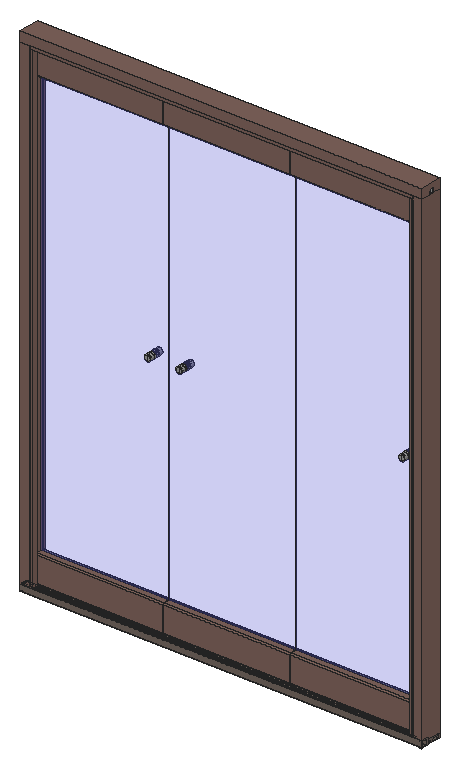
Revit family "FL3L 2385 LH", category Doors, host Wall, Revit 2015
Parameters (values of type "FL3L 2385 LH")
  Function = Interior
  Frame Projection Ext. = 25 mm
  Frame Projection Int. = 25 mm
  Frame Width = 75 mm
  Height = 2385 mm
  Wall Closure = By host
  Width = 1910 mm
Reference planes
  plane 1: y = 0
  plane 2 "Center (Left/Right)": x = 0
  plane 3 "Left": x = -955
  plane 4 "Right": x = 955
  plane 5: z = 2385
  plane 6 "Exterior": y = 75
  plane 7 "Interior": y = -75
Forms (mm)
  Extrusion 1, solid, material "Meranti (Frameless)"
    sketch origin (0, 0, 285) x (0, 1, 0) y (0, 0, 1)
      loop
        line (52.5, 2100) -> (-52.5, 2100) -> (-52.5, 2055) -> (-6.5, 2055) -> (-6.5, 2075) -> (15.5, 2075) -> (15.5, 2055) -> (52.5, 2055) -> (52.5, 2100)
    from -955 to 955
  Extrusion 2, solid, material "Steel, Chrome Plated"
    sketch origin (667.231, -1.5, 285) x (0, 1, 0) y (0, 0, 1)
      loop
        line (16.5, 2075) -> (-4.5, 2075) -> (-4.5, 2055) -> (-2.3, 2055) -> (-2.3, 2072.8) -> (14.3, 2072.8) -> (14.3, 2055) -> (16.5, 2055) -> (16.5, 2075)
    from -1622.231 to 287.769
  Extrusion 3, solid, material "Meranti (Frameless)"
    sketch origin (0, 0, 0) x (1, 0, 0) y (0, 1, 0)
      loop
        line (-955, 52.5) -> (-955, -52.5) -> (-910, -52.5) -> (-910, 24.5) -> (-922, 24.5) -> (-922, 52.5) -> (-955, 52.5)
      loop
        line (955, 52.5) -> (922, 52.5) -> (922, 24.5) -> (910, 24.5) -> (910, -52.5) -> (955, -52.5) -> (955, 52.5)
    from 32 to 2340
  Extrusion 4, solid, material "Aluminium Cill (Bronze)"
    sketch origin (0, 79.18, -119.746) x (0, 1, 0) y (0, 0, 1)
      loop
        line (-26.68, 120.746) -> (-26.68, 135.746)
        arc (-26.68, 135.746) -> (-27.558, 137.867) -> (-29.68, 138.746) r 3
        line (-29.68, 138.746) -> (-40.947, 138.746)
        arc (-40.947, 138.746) -> (-42.68, 137.746) -> (-44.412, 138.746) r 2
        line (-44.412, 138.746) -> (-48.947, 138.746)
        arc (-48.947, 138.746) -> (-50.68, 137.746) -> (-52.412, 138.746) r 2
        line (-52.412, 138.746) -> (-56.947, 138.746)
        arc (-56.947, 138.746) -> (-58.68, 137.746) -> (-60.412, 138.746) r 2
        line (-60.412, 138.746) -> (-67.18, 138.746) -> (-67.18, 135.246)
        arc (-67.18, 135.246) -> (-67.619, 134.185) -> (-68.68, 133.746) r 1.5
        line (-68.68, 133.746) -> (-73.43, 133.746) -> (-73.43, 135.746) -> (-71.996, 135.746)
        arc (-71.996, 135.746) -> (-74.68, 138.746) -> (-77.363, 135.746) r 2.7
        line (-77.363, 135.746) -> (-75.93, 135.746) -> (-75.93, 133.746) -> (-80.68, 133.746)
        arc (-80.68, 133.746) -> (-81.74, 134.185) -> (-82.18, 135.246) r 1.5
        line (-82.18, 135.246) -> (-82.18, 138.746) -> (-90.432, 138.746) -> (-98.68, 138.746) -> (-98.68, 143.746)
        arc (-98.68, 143.746) -> (-99.18, 144.246) -> (-99.68, 143.746) r 0.5
        line (-99.68, 143.746) -> (-99.68, 142.734) -> (-100.88, 142.734) -> (-100.88, 150.246) -> (-99.68, 150.246) -> (-99.68, 149.246)
        arc (-99.68, 149.246) -> (-99.18, 148.746) -> (-98.68, 149.246) r 0.5
        line (-98.68, 149.246) -> (-98.68, 150.746)
        arc (-98.68, 150.746) -> (-98.972, 151.453) -> (-99.68, 151.746) r 1
        line (-99.68, 151.746) -> (-109.447, 151.746)
        arc (-109.447, 151.746) -> (-111.18, 150.746) -> (-112.912, 151.746) r 2
        line (-112.912, 151.746) -> (-117.447, 151.746)
        arc (-117.447, 151.746) -> (-119.18, 150.746) -> (-120.912, 151.746) r 2
        line (-120.912, 151.746) -> (-130.68, 151.746)
        arc (-130.68, 151.746) -> (-131.387, 151.453) -> (-131.68, 150.746) r 1
        line (-131.68, 150.746) -> (-131.68, 120.746)
        arc (-131.68, 120.746) -> (-131.387, 120.039) -> (-130.68, 119.746) r 1
        line (-130.68, 119.746) -> (-27.68, 119.746)
        arc (-27.68, 119.746) -> (-26.972, 120.039) -> (-26.68, 120.746) r 1
      loop
        line (-29.68, 137.246) -> (-40.23, 137.246)
        arc (-40.23, 137.246) -> (-42.68, 136.246) -> (-45.129, 137.246) r 3.5
        line (-45.129, 137.246) -> (-48.23, 137.246)
        arc (-48.23, 137.246) -> (-50.68, 136.246) -> (-53.129, 137.246) r 3.5
        line (-53.129, 137.246) -> (-56.23, 137.246)
        arc (-56.23, 137.246) -> (-58.68, 136.246) -> (-61.129, 137.246) r 3.5
        line (-61.129, 137.246) -> (-65.68, 137.246) -> (-65.68, 135.246)
        arc (-65.68, 135.246) -> (-66.558, 133.125) -> (-68.68, 132.246) r 3
        line (-68.68, 132.246) -> (-73.93, 132.246) -> (-73.93, 121.246) -> (-28.18, 121.246) -> (-28.18, 135.746)
        arc (-28.18, 135.746) -> (-28.619, 136.807) -> (-29.68, 137.246) r 1.5
      loop
        line (-75.43, 132.246) -> (-80.68, 132.246)
        arc (-80.68, 132.246) -> (-82.801, 133.125) -> (-83.68, 135.246) r 3
        line (-83.68, 135.246) -> (-83.68, 137.246) -> (-98.68, 137.246) -> (-98.68, 121.246) -> (-75.43, 121.246) -> (-75.43, 132.246)
      loop
        line (-100.18, 121.246) -> (-100.18, 141.246) -> (-102.38, 141.246) -> (-102.38, 150.246) -> (-108.73, 150.246)
        arc (-108.73, 150.246) -> (-111.18, 149.246) -> (-113.629, 150.246) r 3.5
        line (-113.629, 150.246) -> (-116.73, 150.246)
        arc (-116.73, 150.246) -> (-119.18, 149.246) -> (-121.629, 150.246) r 3.5
        line (-121.629, 150.246) -> (-130.18, 150.246) -> (-130.18, 121.246) -> (-100.18, 121.246)
    from -955 to 955
  Extrusion 5, solid, material "Meranti (Frameless)"
    sketch origin (0, 0, 0) x (1, 0, 0) y (0, 1, 0)
      loop
        line (-955, 52.5) -> (-955, -19.5) -> (-910, -19.5) -> (-910, 24.5) -> (-922, 24.5) -> (-922, 52.5) -> (-955, 52.5)
      loop
        line (955, 52.5) -> (922, 52.5) -> (922, 24.5) -> (910, 24.5) -> (910, -19.5) -> (955, -19.5) -> (955, 52.5)
    from 19 to 32
  Extrusion 6, solid, material "Meranti (Frameless)"
    sketch origin (0, 0, 285) x (0, 1, 0) y (0, 0, 1)
      loop
        line (-52.5, 2052) -> (-52.5, 2042) -> (-26.5, 2042) -> (-26.5, 2045.5) -> (-33.5, 2045.5) -> (-33.5, 2048.5) -> (-26.5, 2048.5) -> (-26.5, 2055) -> (-49.5, 2055) -> (-49.5, 2052) -> (-52.5, 2052)
    from -910 to 910
  Extrusion 7, solid, material "Meranti (Frameless)"
    sketch origin (0, 0, 285) x (1, 0, 0) y (0, 1, 0)
      loop
        line (-907, -52.5) -> (-897, -52.5) -> (-897, -26.5) -> (-900.5, -26.5) -> (-900.5, -33.5) -> (-903.5, -33.5) -> (-903.5, -26.5) -> (-910, -26.5) -> (-910, -49.5) -> (-907, -49.5) -> (-907, -52.5)
      loop
        line (907, -52.5) -> (907, -49.5) -> (910, -49.5) -> (910, -26.5) -> (903.5, -26.5) -> (903.5, -33.5) -> (900.5, -33.5) -> (900.5, -26.5) -> (897, -26.5) -> (897, -52.5) -> (907, -52.5)
    from -253 to 2042
  Extrusion 8, solid, material "Meranti (Frameless)"
    sketch origin (-2.5, 0, 0) x (0, 1, 0) y (0, 0, 1)
      loop
        line (24.5, 24) -> (24.5, 112) -> (13, 112) -> (13, 162) -> (-15.5, 162) -> (-20.5, 157) -> (-20.5, 37) -> (-15.5, 37) -> (-15.5, 24) -> (24.5, 24)
      loop
        line (24.5, 2335) -> (-20.5, 2335) -> (-20.5, 2202) -> (-15.5, 2197) -> (13, 2197) -> (13, 2247) -> (24.5, 2247) -> (24.5, 2335)
    from 305 to 910
  Extrusion 9, solid, material "Glass"
    sketch origin (471.101, -93.1, -519.253) x (1, 0, 0) y (0, 0, 1)
      loop
        line (-168.601, 2766.253) -> (-168.601, 631.253) -> (436.399, 631.253) -> (436.399, 2766.253) -> (-168.601, 2766.253)
    from -116.1 to -106.1
  Extrusion 10, solid, material "Rubber, Black"
    sketch origin (0, 0, 285) x (0, 1, 0) y (0, 0, 1)
      loop
        line (24.5, 1912) -> (24.5, 1962) -> (23, 1962) -> (23, 1912) -> (24.5, 1912)
      loop
        line (24.5, -173) -> (24.5, -123) -> (23, -123) -> (23, -173) -> (24.5, -173)
    from 302.5 to 907.5
  Revolve 11, solid, material "Steel, S 460"
    sketch origin (452.5, 0, -1800) x (0, 1, 0) y (0, 0, 1)
      loop
        line (24.5, 1941.5) -> (31.5, 1941.5) -> (31.5, 1950) -> (29.5, 1952) -> (24.5, 1952) -> (24.5, 1941.5)
      axis (31.5, 1937) -> (24.5, 1937)
    angle from 0 to 360
  Revolve 12, solid, material "Steel, S 460"
    sketch origin (757.5, 0, -1800) x (0, 1, 0) y (0, 0, -1)
      loop
        line (24.5, -1941.5) -> (24.5, -1952) -> (29.5, -1952) -> (31.5, -1950) -> (31.5, -1941.5) -> (24.5, -1941.5)
      axis (31.5, -1937) -> (24.5, -1937)
    angle from 0 to 360
  Revolve 13, solid, material "Steel, S 460"
    sketch origin (452.5, 0, 285) x (0, 1, 0) y (0, 0, 1)
      loop
        line (24.5, 1941.5) -> (31.5, 1941.5) -> (31.5, 1950) -> (29.5, 1952) -> (24.5, 1952) -> (24.5, 1941.5)
      axis (31.5, 1937) -> (24.5, 1937)
    angle from 0 to 360
  Revolve 14, solid, material "Steel, S 460"
    sketch origin (757.5, 0, 285) x (0, 1, 0) y (0, 0, -1)
      loop
        line (24.5, -1941.5) -> (24.5, -1952) -> (29.5, -1952) -> (31.5, -1950) -> (31.5, -1941.5) -> (24.5, -1941.5)
      axis (31.5, -1937) -> (24.5, -1937)
    angle from 0 to 360
  Revolve 15, solid, material "Steel, Chrome Plated"
    sketch origin (832.5, -128.249, 152.823) x (0, 1, 0) y (0, 0, -1)
      loop
        line (151.249, -1026.677) -> (151.249, -1041.677) -> (154.249, -1041.677) -> (159.249, -1036.677) -> (164.249, -1041.677) -> (180.249, -1041.677) -> (181.249, -1040.677) -> (181.249, -1026.677) -> (151.249, -1026.677)
      axis (181.249, -1026.677) -> (151.249, -1026.677)
    angle from 0 to 360
  Revolve 16, solid, material "Steel, Chrome Plated"
    sketch origin (832.5, 164.249, 152.823) x (0, -1, 0) y (0, 0, 1)
      loop
        line (151.249, 1026.677) -> (181.249, 1026.677) -> (181.249, 1040.677) -> (180.249, 1041.677) -> (164.249, 1041.677) -> (159.249, 1036.677) -> (154.249, 1041.677) -> (151.249, 1041.677) -> (151.249, 1026.677)
      axis (181.249, 1026.677) -> (151.249, 1026.677)
    angle from 0 to 360
  Extrusion 17, solid, material "Meranti (Frameless)"
    sketch origin (-607.5, 0, 0) x (0, 1, 0) y (0, 0, 1)
      loop
        line (24.5, 24) -> (24.5, 112) -> (13, 112) -> (13, 162) -> (-15.5, 162) -> (-20.5, 157) -> (-20.5, 37) -> (-15.5, 37) -> (-15.5, 24) -> (24.5, 24)
      loop
        line (24.5, 2335) -> (-20.5, 2335) -> (-20.5, 2202) -> (-15.5, 2197) -> (13, 2197) -> (13, 2247) -> (24.5, 2247) -> (24.5, 2335)
    from 305 to 910
  Extrusion 18, solid, material "Glass"
    sketch origin (-133.899, -93.1, -519.253) x (1, 0, 0) y (0, 0, 1)
      loop
        line (-168.601, 2766.253) -> (-168.601, 631.253) -> (436.399, 631.253) -> (436.399, 2766.253) -> (-168.601, 2766.253)
    from -116.1 to -106.1
  Extrusion 19, solid, material "Rubber, Black"
    sketch origin (-605, 0, 285) x (0, 1, 0) y (0, 0, 1)
      loop
        line (24.5, 1912) -> (24.5, 1962) -> (23, 1962) -> (23, 1912) -> (24.5, 1912)
      loop
        line (24.5, -173) -> (24.5, -123) -> (23, -123) -> (23, -173) -> (24.5, -173)
    from 302.5 to 907.5
  Revolve 20, solid, material "Steel, S 460"
    sketch origin (-152.5, 0, -1800) x (0, 1, 0) y (0, 0, 1)
      loop
        line (24.5, 1941.5) -> (31.5, 1941.5) -> (31.5, 1950) -> (29.5, 1952) -> (24.5, 1952) -> (24.5, 1941.5)
      axis (31.5, 1937) -> (24.5, 1937)
    angle from 0 to 360
  Revolve 21, solid, material "Steel, S 460"
    sketch origin (152.5, 0, -1800) x (0, 1, 0) y (0, 0, -1)
      loop
        line (24.5, -1941.5) -> (24.5, -1952) -> (29.5, -1952) -> (31.5, -1950) -> (31.5, -1941.5) -> (24.5, -1941.5)
      axis (31.5, -1937) -> (24.5, -1937)
    angle from 0 to 360
  Revolve 22, solid, material "Steel, S 460"
    sketch origin (-152.5, 0, 285) x (0, 1, 0) y (0, 0, 1)
      loop
        line (24.5, 1941.5) -> (31.5, 1941.5) -> (31.5, 1950) -> (29.5, 1952) -> (24.5, 1952) -> (24.5, 1941.5)
      axis (31.5, 1937) -> (24.5, 1937)
    angle from 0 to 360
  Revolve 23, solid, material "Steel, S 460"
    sketch origin (152.5, 0, 285) x (0, 1, 0) y (0, 0, -1)
      loop
        line (24.5, -1941.5) -> (24.5, -1952) -> (29.5, -1952) -> (31.5, -1950) -> (31.5, -1941.5) -> (24.5, -1941.5)
      axis (31.5, -1937) -> (24.5, -1937)
    angle from 0 to 360
  Extrusion 24, solid, material "Meranti (Frameless)"
    sketch origin (-1212.5, 0, 0) x (0, 1, 0) y (0, 0, 1)
      loop
        line (24.5, 24) -> (24.5, 112) -> (13, 112) -> (13, 162) -> (-15.5, 162) -> (-20.5, 157) -> (-20.5, 37) -> (-15.5, 37) -> (-15.5, 24) -> (24.5, 24)
      loop
        line (24.5, 2335) -> (-20.5, 2335) -> (-20.5, 2202) -> (-15.5, 2197) -> (13, 2197) -> (13, 2247) -> (24.5, 2247) -> (24.5, 2335)
    from 305 to 910
  Extrusion 25, solid, material "Glass"
    sketch origin (-738.899, -93.1, -519.253) x (1, 0, 0) y (0, 0, 1)
      loop
        line (-168.601, 2766.253) -> (-168.601, 631.253) -> (436.399, 631.253) -> (436.399, 2766.253) -> (-168.601, 2766.253)
    from -116.1 to -106.1
  Extrusion 26, solid, material "Rubber, Black"
    sketch origin (-1210, 0, 285) x (0, 1, 0) y (0, 0, 1)
      loop
        line (24.5, 1912) -> (24.5, 1962) -> (23, 1962) -> (23, 1912) -> (24.5, 1912)
      loop
        line (24.5, -173) -> (24.5, -123) -> (23, -123) -> (23, -173) -> (24.5, -173)
    from 302.5 to 907.5
  Revolve 27, solid, material "Steel, S 460"
    sketch origin (-757.5, 0, -1800) x (0, 1, 0) y (0, 0, 1)
      loop
        line (24.5, 1941.5) -> (31.5, 1941.5) -> (31.5, 1950) -> (29.5, 1952) -> (24.5, 1952) -> (24.5, 1941.5)
      axis (31.5, 1937) -> (24.5, 1937)
    angle from 0 to 360
  Revolve 28, solid, material "Steel, S 460"
    sketch origin (-452.5, 0, -1800) x (0, 1, 0) y (0, 0, -1)
      loop
        line (24.5, -1941.5) -> (24.5, -1952) -> (29.5, -1952) -> (31.5, -1950) -> (31.5, -1941.5) -> (24.5, -1941.5)
      axis (31.5, -1937) -> (24.5, -1937)
    angle from 0 to 360
  Revolve 29, solid, material "Steel, S 460"
    sketch origin (-757.5, 0, 285) x (0, 1, 0) y (0, 0, 1)
      loop
        line (24.5, 1941.5) -> (31.5, 1941.5) -> (31.5, 1950) -> (29.5, 1952) -> (24.5, 1952) -> (24.5, 1941.5)
      axis (31.5, 1937) -> (24.5, 1937)
    angle from 0 to 360
  Revolve 30, solid, material "Steel, S 460"
    sketch origin (-452.5, 0, 285) x (0, 1, 0) y (0, 0, -1)
      loop
        line (24.5, -1941.5) -> (24.5, -1952) -> (29.5, -1952) -> (31.5, -1950) -> (31.5, -1941.5) -> (24.5, -1941.5)
      axis (31.5, -1937) -> (24.5, -1937)
    angle from 0 to 360
  Revolve 31, solid, material "Steel, Chrome Plated"
    sketch origin (-377.5, -128.249, 152.823) x (0, 1, 0) y (0, 0, -1)
      loop
        line (151.249, -1026.677) -> (151.249, -1041.677) -> (154.249, -1041.677) -> (159.249, -1036.677) -> (164.249, -1041.677) -> (180.249, -1041.677) -> (181.249, -1040.677) -> (181.249, -1026.677) -> (151.249, -1026.677)
      axis (181.249, -1026.677) -> (151.249, -1026.677)
    angle from 0 to 360
  Revolve 32, solid, material "Steel, Chrome Plated"
    sketch origin (-377.5, 164.249, 152.823) x (0, -1, 0) y (0, 0, 1)
      loop
        line (151.249, 1026.677) -> (181.249, 1026.677) -> (181.249, 1040.677) -> (180.249, 1041.677) -> (164.249, 1041.677) -> (159.249, 1036.677) -> (154.249, 1041.677) -> (151.249, 1041.677) -> (151.249, 1026.677)
      axis (181.249, 1026.677) -> (151.249, 1026.677)
    angle from 0 to 360
  Revolve 33, solid, material "Steel, Chrome Plated"
    sketch origin (-227.5, -128.249, 152.823) x (0, 1, 0) y (0, 0, 1)
      loop
        line (151.249, 1026.677) -> (181.249, 1026.677) -> (181.249, 1040.677) -> (180.249, 1041.677) -> (164.249, 1041.677) -> (159.249, 1036.677) -> (154.249, 1041.677) -> (151.249, 1041.677) -> (151.249, 1026.677)
      axis (181.249, 1026.677) -> (151.249, 1026.677)
    angle from 0 to 360
  Revolve 34, solid, material "Steel, Chrome Plated"
    sketch origin (-227.5, 164.249, 152.823) x (0, -1, 0) y (0, 0, -1)
      loop
        line (151.249, -1026.677) -> (151.249, -1041.677) -> (154.249, -1041.677) -> (159.249, -1036.677) -> (164.249, -1041.677) -> (180.249, -1041.677) -> (181.249, -1040.677) -> (181.249, -1026.677) -> (151.249, -1026.677)
      axis (181.249, -1026.677) -> (151.249, -1026.677)
    angle from 0 to 360
Cuts and joins
  joined: Extrusion 3, Extrusion 5
Lines and regions (mm)
  Opening 1
    outline origin (-3050, -75, 0) x (1, 0, 0) y (0, 0, 1)
      loop
        line (2095, 0) -> (4005, 0) -> (4005, 2385) -> (2095, 2385) -> (2095, 0)
  model lines
    curve 1: line (-907.5, 24.5, 0) -> (-605, 548.445, 0)
    curve 2: line (-605, 548.445, 0) -> (-566.029, 525.945, 0)
    curve 3: line (-566.029, 525.945, 0) -> (-868.529, 2, 0)
    curve 4: line (-224.558, 24.5, 0) -> (-527.058, 548.445, 0)
    curve 5: line (-527.058, 548.445, 0) -> (-566.029, 525.945, 0)
    curve 6: line (-566.029, 525.945, 0) -> (-263.529, 2, 0)
    curve 7: line (-224.558, 24.5, 0) -> (77.942, 548.445, 0)
    curve 8: line (77.942, 548.445, 0) -> (116.913, 525.945, 0)
    curve 9: line (116.913, 525.945, 0) -> (-185.587, 2, 0)
    curve 10: line (779.198, 75, 1192.5) -> (604.198, 75, 1192.5)
    curve 11: line (465.121, 75, 1192.5) -> (604.198, 75, 1248.691)
    curve 12: line (604.198, 75, 1248.691) -> (604.198, 75, 1136.309)
    curve 13: line (465.121, 75, 1192.5) -> (604.198, 75, 1136.309)
    curve 14: line (174.198, 75, 1192.5) -> (-0.802, 75, 1192.5)
    curve 15: line (-139.879, 75, 1192.5) -> (-0.802, 75, 1248.691)
    curve 16: line (-0.802, 75, 1248.691) -> (-0.802, 75, 1136.309)
    curve 17: line (-139.879, 75, 1192.5) -> (-0.802, 75, 1136.309)
    curve 18: line (-430.802, 75, 1192.5) -> (-605.802, 75, 1192.5)
    curve 19: line (-744.879, 75, 1192.5) -> (-605.802, 75, 1248.691)
    curve 20: line (-605.802, 75, 1248.691) -> (-605.802, 75, 1136.309)
    curve 21: line (-744.879, 75, 1192.5) -> (-605.802, 75, 1136.309)
Text (mm)
  text "Exterior" at (-2295.016, 1099.543, 0), in view "Ref. Level"
  text "Exterior" at (0, 1615.38, 3698.081), in view "Left"
  text "Exterior" at (0, 1036.032, 3874.932), in view "Right"
Dimensions and locks
  equal spacing: plane 3 "Left", plane 2 "Center (Left/Right)", plane 4 "Right"
  "Width": plane 3 "Left" to plane 4 "Right"
  "Height": plane 5 to host wall
  host wall to plane 5 = 2385 mm  (x2)
  locked: plane 6 "Exterior" to host wall at 0
  locked: plane 7 "Interior" to host wall
  plane 3 "Left" to plane 4 "Right" = 1910 mm
  aligned and locked: plane 3 "Left" to Opening 1 sketch curve
  aligned and locked: plane 5 to Opening 1 sketch curve  (x2)
  aligned and locked: Opening 1 sketch curve to plane 4 "Right"
  aligned and locked: Opening 1 sketch curve to level
  aligned and locked: plane 1 to host wall
Automatic sketch dimensions
  curve 2 to plane 3 "Left" = 350 mm
  curve 1 to curve 3 = 38.971 mm
  curve 2 to curve 4 = 38.971 mm
  curve 7 to host wall = 24.5 mm
  curve 7 to plane 2 "Center (Left/Right)" = 224.558 mm
  plane 2 "Center (Left/Right)" to curve 7 = 77.942 mm
  curve 7 to curve 9 = 38.971 mm
  host wall to curve 3 = 450.945 mm
  host wall to curve 9 = 450.945 mm
  curve 2 to curve 1 = 22.5 mm
  curve 3 to host wall = 2 mm
  curve 1 to host wall = 24.5 mm
  curve 6 to host wall = 2 mm
  curve 9 to host wall = 2 mm
  curve 21 to plane 3 "Left" = 210.121 mm
  curve 19 to curve 20 = 139.078 mm
  curve 15 to plane 2 "Center (Left/Right)" = 139.879 mm
  curve 15 to plane 2 "Center (Left/Right)" = 0.802 mm
  plane 2 "Center (Left/Right)" to curve 13 = 465.121 mm
  curve 11 to curve 12 = 139.078 mm
  level to curve 21 = 1136.309 mm
  curve 16 to curve 20 = 0 mm
  curve 13 to curve 16 = 0 mm
  curve 12 to curve 13 = 56.191 mm
  curve 20 to curve 21 = 56.191 mm
  curve 16 to curve 15 = 56.191 mm
  curve 20 to curve 19 = 112.382 mm
  curve 12 to curve 12 = 112.382 mm
  curve 16 to curve 16 = 112.382 mm
  curve 18 to curve 18 = 175 mm
  plane 2 "Center (Left/Right)" to curve 14 = 174.198 mm
  curve 10 to curve 10 = 175 mm
  curve 14 to curve 15 = 56.191 mm
  curve 10 to curve 11 = 56.191 mm
  curve 18 to curve 19 = 56.191 mm
  plane 5 to Extrusion 1 sketch curve = 0 mm
  Extrusion 1 sketch curve to host wall = 22.5 mm  (x2)
  host wall to Extrusion 1 sketch curve = 6.5 mm
  Extrusion 1 sketch curve to host wall = 15.5 mm
  plane 5 to Extrusion 1 sketch curve = 25 mm
  Extrusion 1 sketch curve to Extrusion 1 sketch curve = 20 mm  (x2)
  host wall to Extrusion 2 sketch curve = 6 mm
  Extrusion 2 sketch curve to Extrusion 2 sketch curve = 2.2 mm  (x3)
  Extrusion 2 sketch curve to host wall = 12.8 mm
  plane 5 to Extrusion 2 sketch curve = 45 mm
  Extrusion 2 sketch curve to Extrusion 2 sketch curve = 0 mm
  Extrusion 2 sketch curve to Extrusion 2 sketch curve = 17.8 mm
  Extrusion 3 sketch curve to plane 3 "Left" = 0 mm
  Extrusion 3 sketch curve to plane 4 "Right" = 0 mm
  Extrusion 3 sketch curve to plane 3 "Left" = 33 mm
  Extrusion 3 sketch curve to Extrusion 3 sketch curve = 45 mm  (x2)
  Extrusion 3 sketch curve to Extrusion 3 sketch curve = 12 mm
  Extrusion 3 sketch curve to host wall = 22.5 mm  (x4)
  Extrusion 3 sketch curve to host wall = 24.5 mm  (x2)
  Extrusion 4 sketch curve to level = 0 mm
  level to Extrusion 4 sketch curve = 1 mm
  Extrusion 4 sketch curve to host wall = 22.5 mm
  Extrusion 4 sketch curve to Extrusion 4 sketch curve = 1 mm  (x7)
  Extrusion 4 sketch curve to Extrusion 4 sketch curve = 0.5 mm  (x8)
  Extrusion 4 sketch curve to Extrusion 4 sketch curve = 8.551 mm
  Extrusion 4 sketch curve to Extrusion 4 sketch curve = 0.717 mm  (x10)
  Extrusion 4 sketch curve to Extrusion 4 sketch curve = 1.732 mm  (x10)
  Extrusion 4 sketch curve to Extrusion 4 sketch curve = 0 mm  (x26)
  Extrusion 4 sketch curve to Extrusion 4 sketch curve = 3.101 mm  (x3)
  Extrusion 4 sketch curve to Extrusion 4 sketch curve = 6.351 mm
  Extrusion 4 sketch curve to Extrusion 4 sketch curve = 1.5 mm  (x15)
  Extrusion 4 sketch curve to Extrusion 4 sketch curve = 0.7 mm
  level to Extrusion 4 sketch curve = 1.5 mm  (x3)
  Extrusion 4 sketch curve to Extrusion 4 sketch curve = 1.2 mm  (x2)
  Extrusion 4 sketch curve to Extrusion 4 sketch curve = 8.248 mm
  host wall to Extrusion 4 sketch curve = 4.5 mm
  host wall to Extrusion 4 sketch curve = 1.5 mm  (x2)
  Extrusion 4 sketch curve to host wall = 1.817 mm
  Extrusion 4 sketch curve to Extrusion 4 sketch curve = 1.433 mm  (x3)
  Extrusion 4 sketch curve to host wall = 3.75 mm
  Extrusion 4 sketch curve to Extrusion 4 sketch curve = 1.25 mm  (x2)
  Extrusion 4 sketch curve to Extrusion 4 sketch curve = 3.317 mm
  Extrusion 4 sketch curve to Extrusion 4 sketch curve = 4.551 mm
  Extrusion 4 sketch curve to Extrusion 4 sketch curve = 10.551 mm
  Extrusion 4 sketch curve to Extrusion 4 sketch curve = 11 mm
  Extrusion 4 sketch curve to Extrusion 4 sketch curve = 14.5 mm
  Extrusion 4 sketch curve to Extrusion 4 sketch curve = 2 mm  (x4)
  Extrusion 4 sketch curve to Extrusion 4 sketch curve = 0.3 mm
  Extrusion 4 sketch curve to Extrusion 4 sketch curve = 2.5 mm
  Extrusion 4 sketch curve to Extrusion 4 sketch curve = 1.488 mm
  Extrusion 4 sketch curve to Extrusion 4 sketch curve = 1.012 mm
  Extrusion 4 sketch curve to Extrusion 4 sketch curve = 5.5 mm
  Extrusion 5 sketch curve to plane 3 "Left" = 0 mm
  Extrusion 5 sketch curve to plane 4 "Right" = 0 mm
  Extrusion 5 sketch curve to plane 3 "Left" = 33 mm
  host wall to Extrusion 5 sketch curve = 19.5 mm  (x2)
  Extrusion 5 sketch curve to plane 3 "Left" = 45 mm
  Extrusion 5 sketch curve to Extrusion 5 sketch curve = 45 mm
  Extrusion 5 sketch curve to Extrusion 5 sketch curve = 12 mm
  Extrusion 5 sketch curve to host wall = 24.5 mm  (x2)
  Extrusion 5 sketch curve to host wall = 22.5 mm  (x2)
  Extrusion 6 sketch curve to host wall = 22.5 mm
  Extrusion 6 sketch curve to Extrusion 6 sketch curve = 3 mm  (x3)
  Extrusion 6 sketch curve to Extrusion 6 sketch curve = 16 mm
  Extrusion 6 sketch curve to Extrusion 6 sketch curve = 7 mm
  Extrusion 6 sketch curve to Extrusion 6 sketch curve = 0 mm
  plane 5 to Extrusion 6 sketch curve = 58 mm
  Extrusion 6 sketch curve to Extrusion 6 sketch curve = 3.5 mm
  Extrusion 6 sketch curve to Extrusion 6 sketch curve = 10 mm
  Extrusion 7 sketch curve to plane 3 "Left" = 45 mm
  Extrusion 7 sketch curve to Extrusion 7 sketch curve = 3 mm  (x5)
  Extrusion 7 sketch curve to Extrusion 7 sketch curve = 6.5 mm  (x2)
  Extrusion 7 sketch curve to Extrusion 7 sketch curve = 10 mm  (x2)
  host wall to Extrusion 7 sketch curve = 26.5 mm  (x2)
  plane 4 "Right" to Extrusion 7 sketch curve = 58 mm
  Extrusion 7 sketch curve to Extrusion 7 sketch curve = 3.5 mm
  Extrusion 7 sketch curve to Extrusion 7 sketch curve = 0 mm  (x2)
  Extrusion 7 sketch curve to Extrusion 7 sketch curve = 7 mm  (x2)
  Extrusion 7 sketch curve to Extrusion 7 sketch curve = 16 mm  (x2)
  host wall to Extrusion 8 sketch curve = 20.5 mm  (x2)
  Extrusion 8 sketch curve to Extrusion 8 sketch curve = 5 mm  (x5)
  Extrusion 8 sketch curve to host wall = 13 mm  (x2)
  Extrusion 8 sketch curve to host wall = 24.5 mm
  Extrusion 8 sketch curve to Extrusion 8 sketch curve = 11.5 mm
  level to Extrusion 8 sketch curve = 24 mm
  Extrusion 8 sketch curve to Extrusion 8 sketch curve = 13 mm
  Extrusion 8 sketch curve to Extrusion 8 sketch curve = 75 mm
  Extrusion 8 sketch curve to Extrusion 8 sketch curve = 45 mm
  plane 5 to Extrusion 8 sketch curve = 188 mm
  Extrusion 8 sketch curve to Extrusion 8 sketch curve = 50 mm
  plane 5 to Extrusion 8 sketch curve = 50 mm
  level to Extrusion 9 sketch curve = 112 mm
  plane 2 "Center (Left/Right)" to Extrusion 9 sketch curve = 302.5 mm
  plane 4 "Right" to Extrusion 9 sketch curve = 47.5 mm
  plane 5 to Extrusion 9 sketch curve = 138 mm
  Extrusion 10 sketch curve to host wall = 23 mm  (x2)
  Extrusion 10 sketch curve to Extrusion 10 sketch curve = 1.5 mm  (x2)
  level to Extrusion 10 sketch curve = 112 mm
  Extrusion 10 sketch curve to Extrusion 10 sketch curve = 50 mm  (x2)
  plane 5 to Extrusion 10 sketch curve = 188 mm
  Revolve 11 sketch curve to host wall = 24.5 mm
  Revolve 11 sketch curve to Revolve 11 sketch curve = 5 mm
  Revolve 11 sketch curve to Revolve 11 sketch curve = 2 mm  (x2)
  level to Revolve 11 sketch curve = 141.5 mm
  Revolve 11 sketch curve to Revolve 11 sketch curve = 8.5 mm
  Revolve 11 sketch curve to Revolve 11 sketch curve = 6.469 mm
  Revolve 11 sketch curve to Revolve 11 sketch curve = 5.515 mm
  Revolve 11 sketch curve to Revolve 11 sketch curve = 4.5 mm
  Revolve 12 sketch curve to host wall = 24.5 mm
  Revolve 12 sketch curve to Revolve 12 sketch curve = 5 mm
  Revolve 12 sketch curve to Revolve 12 sketch curve = 2 mm  (x2)
  level to Revolve 12 sketch curve = 152 mm
  Revolve 12 sketch curve to Revolve 12 sketch curve = 8.5 mm
  Revolve 12 sketch curve to Revolve 12 sketch curve = 6.469 mm
  Revolve 12 sketch curve to Revolve 12 sketch curve = 5.515 mm
  Revolve 12 sketch curve to Revolve 12 sketch curve = 4.5 mm
  Revolve 13 sketch curve to host wall = 24.5 mm
  Revolve 13 sketch curve to Revolve 13 sketch curve = 5 mm
  Revolve 13 sketch curve to Revolve 13 sketch curve = 2 mm  (x2)
  plane 5 to Revolve 13 sketch curve = 158.5 mm
  Revolve 13 sketch curve to Revolve 13 sketch curve = 8.5 mm
  Revolve 13 sketch curve to Revolve 13 sketch curve = 6.469 mm
  Revolve 13 sketch curve to Revolve 13 sketch curve = 5.515 mm
  Revolve 13 sketch curve to Revolve 13 sketch curve = 4.5 mm
  Revolve 14 sketch curve to host wall = 24.5 mm
  Revolve 14 sketch curve to Revolve 14 sketch curve = 5 mm
  Revolve 14 sketch curve to Revolve 14 sketch curve = 2 mm  (x2)
  plane 5 to Revolve 14 sketch curve = 148 mm
  Revolve 14 sketch curve to Revolve 14 sketch curve = 8.5 mm
  Revolve 14 sketch curve to Revolve 14 sketch curve = 6.469 mm
  Revolve 14 sketch curve to Revolve 14 sketch curve = 5.515 mm
  Revolve 14 sketch curve to Revolve 14 sketch curve = 4.5 mm
  Revolve 15 sketch curve to host wall = 23 mm
  Revolve 15 sketch curve to Revolve 15 sketch curve = 3 mm
  Revolve 15 sketch curve to Revolve 15 sketch curve = 5 mm  (x2)
  Revolve 15 sketch curve to Revolve 15 sketch curve = 16 mm
  Revolve 15 sketch curve to Revolve 15 sketch curve = 1 mm  (x2)
  plane 5 to Revolve 15 sketch curve = 1190.5 mm
  Revolve 15 sketch curve to Revolve 15 sketch curve = 0 mm  (x4)
  Revolve 15 sketch curve to Revolve 15 sketch curve = 14 mm
  Revolve 16 sketch curve to host wall = 0 mm
  Revolve 16 sketch curve to host wall = 5 mm
  Revolve 16 sketch curve to Revolve 16 sketch curve = 5 mm
  Revolve 16 sketch curve to Revolve 16 sketch curve = 3 mm
  host wall to Revolve 16 sketch curve = 16 mm
  Revolve 16 sketch curve to Revolve 16 sketch curve = 1 mm  (x2)
  level to Revolve 16 sketch curve = 1179.5 mm
  Revolve 16 sketch curve to Revolve 16 sketch curve = 10 mm
  Revolve 16 sketch curve to Revolve 16 sketch curve = 14 mm
  Revolve 16 sketch curve to Revolve 16 sketch curve = 0 mm  (x3)
  host wall to Extrusion 17 sketch curve = 20.5 mm  (x2)
  Extrusion 17 sketch curve to Extrusion 17 sketch curve = 5 mm  (x5)
  Extrusion 17 sketch curve to host wall = 13 mm  (x2)
  Extrusion 17 sketch curve to host wall = 24.5 mm
  Extrusion 17 sketch curve to Extrusion 17 sketch curve = 11.5 mm
  level to Extrusion 17 sketch curve = 24 mm
  Extrusion 17 sketch curve to Extrusion 17 sketch curve = 13 mm
  Extrusion 17 sketch curve to Extrusion 17 sketch curve = 75 mm
  Extrusion 17 sketch curve to Extrusion 17 sketch curve = 45 mm
  plane 5 to Extrusion 17 sketch curve = 188 mm
  Extrusion 17 sketch curve to Extrusion 17 sketch curve = 50 mm
  plane 5 to Extrusion 17 sketch curve = 50 mm
  level to Extrusion 18 sketch curve = 112 mm
  Extrusion 18 sketch curve to plane 2 "Center (Left/Right)" = 302.5 mm
  plane 2 "Center (Left/Right)" to Extrusion 18 sketch curve = 302.5 mm
  plane 5 to Extrusion 18 sketch curve = 138 mm
  Extrusion 19 sketch curve to host wall = 23 mm  (x2)
  Extrusion 19 sketch curve to Extrusion 19 sketch curve = 1.5 mm  (x2)
  level to Extrusion 19 sketch curve = 112 mm
  Extrusion 19 sketch curve to Extrusion 19 sketch curve = 50 mm  (x2)
  plane 5 to Extrusion 19 sketch curve = 188 mm
  Revolve 20 sketch curve to host wall = 24.5 mm
  Revolve 20 sketch curve to Revolve 20 sketch curve = 5 mm
  Revolve 20 sketch curve to Revolve 20 sketch curve = 2 mm  (x2)
  level to Revolve 20 sketch curve = 141.5 mm
  Revolve 20 sketch curve to Revolve 20 sketch curve = 8.5 mm
  Revolve 20 sketch curve to Revolve 20 sketch curve = 6.469 mm
  Revolve 20 sketch curve to Revolve 20 sketch curve = 5.515 mm
  Revolve 20 sketch curve to Revolve 20 sketch curve = 4.5 mm
  Revolve 21 sketch curve to host wall = 24.5 mm
  Revolve 21 sketch curve to Revolve 21 sketch curve = 5 mm
  Revolve 21 sketch curve to Revolve 21 sketch curve = 2 mm  (x2)
  level to Revolve 21 sketch curve = 152 mm
  Revolve 21 sketch curve to Revolve 21 sketch curve = 8.5 mm
  Revolve 21 sketch curve to Revolve 21 sketch curve = 6.469 mm
  Revolve 21 sketch curve to Revolve 21 sketch curve = 5.515 mm
  Revolve 21 sketch curve to Revolve 21 sketch curve = 4.5 mm
  Revolve 22 sketch curve to host wall = 24.5 mm
  Revolve 22 sketch curve to Revolve 22 sketch curve = 5 mm
  Revolve 22 sketch curve to Revolve 22 sketch curve = 2 mm  (x2)
  plane 5 to Revolve 22 sketch curve = 158.5 mm
  Revolve 22 sketch curve to Revolve 22 sketch curve = 8.5 mm
  Revolve 22 sketch curve to Revolve 22 sketch curve = 6.469 mm
  Revolve 22 sketch curve to Revolve 22 sketch curve = 5.515 mm
  Revolve 22 sketch curve to Revolve 22 sketch curve = 4.5 mm
  Revolve 23 sketch curve to host wall = 24.5 mm
  Revolve 23 sketch curve to Revolve 23 sketch curve = 5 mm
  Revolve 23 sketch curve to Revolve 23 sketch curve = 2 mm  (x2)
  plane 5 to Revolve 23 sketch curve = 148 mm
  Revolve 23 sketch curve to Revolve 23 sketch curve = 8.5 mm
  Revolve 23 sketch curve to Revolve 23 sketch curve = 6.469 mm
  Revolve 23 sketch curve to Revolve 23 sketch curve = 5.515 mm
  Revolve 23 sketch curve to Revolve 23 sketch curve = 4.5 mm
  host wall to Extrusion 24 sketch curve = 20.5 mm  (x2)
  Extrusion 24 sketch curve to Extrusion 24 sketch curve = 5 mm  (x5)
  Extrusion 24 sketch curve to host wall = 13 mm  (x2)
  Extrusion 24 sketch curve to host wall = 24.5 mm
  Extrusion 24 sketch curve to Extrusion 24 sketch curve = 11.5 mm
  level to Extrusion 24 sketch curve = 24 mm
  Extrusion 24 sketch curve to Extrusion 24 sketch curve = 13 mm
  Extrusion 24 sketch curve to Extrusion 24 sketch curve = 75 mm
  Extrusion 24 sketch curve to Extrusion 24 sketch curve = 45 mm
  plane 5 to Extrusion 24 sketch curve = 188 mm
  Extrusion 24 sketch curve to Extrusion 24 sketch curve = 50 mm
  plane 5 to Extrusion 24 sketch curve = 50 mm
  Extrusion 25 sketch curve to plane 3 "Left" = 47.5 mm
  level to Extrusion 25 sketch curve = 112 mm
  Extrusion 25 sketch curve to plane 2 "Center (Left/Right)" = 302.5 mm
  plane 5 to Extrusion 25 sketch curve = 138 mm
  Extrusion 26 sketch curve to host wall = 23 mm  (x2)
  Extrusion 26 sketch curve to Extrusion 26 sketch curve = 1.5 mm  (x2)
  level to Extrusion 26 sketch curve = 112 mm
  Extrusion 26 sketch curve to Extrusion 26 sketch curve = 50 mm  (x2)
  plane 5 to Extrusion 26 sketch curve = 188 mm
  Revolve 27 sketch curve to host wall = 24.5 mm
  Revolve 27 sketch curve to Revolve 27 sketch curve = 5 mm
  Revolve 27 sketch curve to Revolve 27 sketch curve = 2 mm  (x2)
  level to Revolve 27 sketch curve = 141.5 mm
  Revolve 27 sketch curve to Revolve 27 sketch curve = 8.5 mm
  Revolve 27 sketch curve to Revolve 27 sketch curve = 6.469 mm
  Revolve 27 sketch curve to Revolve 27 sketch curve = 5.515 mm
  Revolve 27 sketch curve to Revolve 27 sketch curve = 4.5 mm
  Revolve 28 sketch curve to host wall = 24.5 mm
  Revolve 28 sketch curve to Revolve 28 sketch curve = 5 mm
  Revolve 28 sketch curve to Revolve 28 sketch curve = 2 mm  (x2)
  level to Revolve 28 sketch curve = 152 mm
  Revolve 28 sketch curve to Revolve 28 sketch curve = 8.5 mm
  Revolve 28 sketch curve to Revolve 28 sketch curve = 6.469 mm
  Revolve 28 sketch curve to Revolve 28 sketch curve = 5.515 mm
  Revolve 28 sketch curve to Revolve 28 sketch curve = 4.5 mm
  Revolve 29 sketch curve to host wall = 24.5 mm
  Revolve 29 sketch curve to Revolve 29 sketch curve = 5 mm
  Revolve 29 sketch curve to Revolve 29 sketch curve = 2 mm  (x2)
  plane 5 to Revolve 29 sketch curve = 158.5 mm
  Revolve 29 sketch curve to Revolve 29 sketch curve = 8.5 mm
  Revolve 29 sketch curve to Revolve 29 sketch curve = 6.469 mm
  Revolve 29 sketch curve to Revolve 29 sketch curve = 5.515 mm
  Revolve 29 sketch curve to Revolve 29 sketch curve = 4.5 mm
  Revolve 30 sketch curve to host wall = 24.5 mm
  Revolve 30 sketch curve to Revolve 30 sketch curve = 5 mm
  Revolve 30 sketch curve to Revolve 30 sketch curve = 2 mm  (x2)
  plane 5 to Revolve 30 sketch curve = 148 mm
  Revolve 30 sketch curve to Revolve 30 sketch curve = 8.5 mm
  Revolve 30 sketch curve to Revolve 30 sketch curve = 6.469 mm
  Revolve 30 sketch curve to Revolve 30 sketch curve = 5.515 mm
  Revolve 30 sketch curve to Revolve 30 sketch curve = 4.5 mm
  Revolve 31 sketch curve to host wall = 23 mm
  Revolve 31 sketch curve to Revolve 31 sketch curve = 3 mm
  Revolve 31 sketch curve to Revolve 31 sketch curve = 5 mm  (x2)
  Revolve 31 sketch curve to Revolve 31 sketch curve = 16 mm
  Revolve 31 sketch curve to Revolve 31 sketch curve = 1 mm  (x2)
  plane 5 to Revolve 31 sketch curve = 1190.5 mm
  Revolve 31 sketch curve to Revolve 31 sketch curve = 0 mm  (x4)
  Revolve 31 sketch curve to Revolve 31 sketch curve = 14 mm
  Revolve 32 sketch curve to host wall = 0 mm
  Revolve 32 sketch curve to host wall = 5 mm
  Revolve 32 sketch curve to Revolve 32 sketch curve = 5 mm
  Revolve 32 sketch curve to Revolve 32 sketch curve = 3 mm
  host wall to Revolve 32 sketch curve = 16 mm
  Revolve 32 sketch curve to Revolve 32 sketch curve = 1 mm  (x2)
  level to Revolve 32 sketch curve = 1179.5 mm
  Revolve 32 sketch curve to Revolve 32 sketch curve = 10 mm
  Revolve 32 sketch curve to Revolve 32 sketch curve = 14 mm
  Revolve 32 sketch curve to Revolve 32 sketch curve = 0 mm  (x3)
  Revolve 33 sketch curve to host wall = 23 mm
  Revolve 33 sketch curve to Revolve 33 sketch curve = 3 mm
  Revolve 33 sketch curve to Revolve 33 sketch curve = 5 mm  (x2)
  Revolve 33 sketch curve to Revolve 33 sketch curve = 16 mm
  Revolve 33 sketch curve to Revolve 33 sketch curve = 1 mm  (x2)
  level to Revolve 33 sketch curve = 1179.5 mm
  Revolve 33 sketch curve to Revolve 33 sketch curve = 10 mm
  Revolve 33 sketch curve to Revolve 33 sketch curve = 14 mm
  Revolve 33 sketch curve to Revolve 33 sketch curve = 0 mm  (x3)
  Revolve 34 sketch curve to host wall = 0 mm
  Revolve 34 sketch curve to host wall = 5 mm
  Revolve 34 sketch curve to Revolve 34 sketch curve = 5 mm
  Revolve 34 sketch curve to Revolve 34 sketch curve = 3 mm
  host wall to Revolve 34 sketch curve = 16 mm
  Revolve 34 sketch curve to Revolve 34 sketch curve = 1 mm  (x2)
  plane 5 to Revolve 34 sketch curve = 1190.5 mm
  Revolve 34 sketch curve to Revolve 34 sketch curve = 0 mm  (x4)
  Revolve 34 sketch curve to Revolve 34 sketch curve = 14 mm
